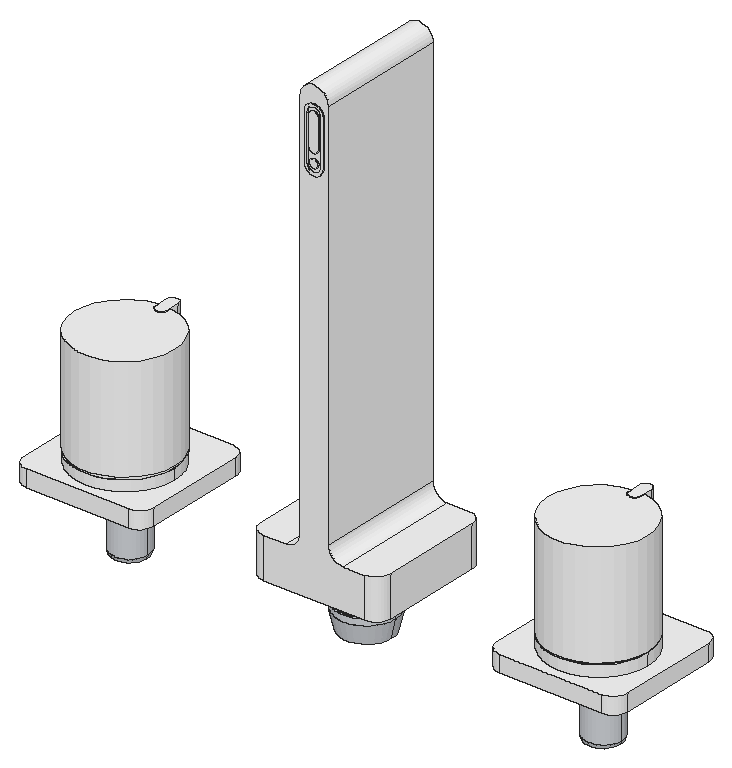
Revit family "Reece_Tap_Milli_Axon_Wall Basin Set", category Plumbing Fixtures, host Face, Revit 2018
Family settings
  Host = Face
  Round Connector Dimension = Use Diameter
  Part Type = Normal
  Cut with Voids When Loaded = No
  Shared = Yes
  Room Calculation Point = Yes
Parameters
  Waste Connection = no
  WFU = 0  # constant formula
  Vent Connection = no
  URL = "https://www.reece.com.au/product/-2252071"
  Type Comments = "Tap"
  Reece_Tap_Reach = 180 mm  # constant formula
  Reece_Tap_Inlet = 12 mm  # constant formula
  Reece_Product_Web Page = "https://www.reece.com.au/product/-2252071"
  Reece_Product_Type = "Tap"  # constant formula
  Reece_Product_Sub Brand = "Axon"  # constant formula
  Reece_Product_Number = "2252071"
  Reece_Product_Mount = "Wall Mounted"
  Reece_Product_Description = "Milli Axon Wall Basin Set Chrome (6 Star)"
  Reece_Product_Brand = "Milli"  # constant formula
  Reece_Overall_Projection = 195 mm  # constant formula
  Reece_Overall_Length = 255 mm  # constant formula
  Reece_Overall_Height = 55 mm  # constant formula
  Reece_Material_Secondary = Reece_Brass_Chrome
  Reece_Material_Main = Reece_Brass_Chrome
  Reece_Material_Colour = Reece_Brass_Chrome
  Reece_Detail_Shape = ""
  Reece_Detail_Disclaimer = "THIS FILE IS THE PROPERTY OF THE REECE GROUP. IT MAY NOT BE REPRODUCED, REVERSE-ENGINEERED OR MODIFIED. ANY REPUBLICATION, TRANSMISSION OR DISTRIBUTION FOR THE PURPOSE OF COMMERCIALLY EXPLOITING THE FILES IS PROHIBITED."  # constant formula
  Reece_Detail_Additional = ""
  Model = "Axon"
  Manufacturer = "Milli"
  Keynote = "Product #2252071, Reece_Tap_Milli_Axon_Wall Basin Set -  "
  HWFU = 0  # constant formula
  HW Connection = no
  Disclaimer = "THIS FILE IS THE PROPERTY OF THE REECE GROUP. IT MAY NOT BE REPRODUCED, REVERSE-ENGINEERED OR MODIFIED. ANY REPUBLICATION, TRANSMISSION OR DISTRIBUTION FOR THE PURPOSE OF COMMERCIALLY EXPLOITING THE FILES IS PROHIBITED."  # constant formula
  Description = "Milli Axon Wall Basin Set Chrome (6 Star)"
  Default Elevation = 1000 mm
  CWFU = 0  # constant formula
  CW Connection = no
Types (4, lengths in mm): name | URL | Reece_Product_Web Page | Reece_Product_Number | Reece_Product_Description | Reece_Material_Main | Reece_Material_Colour | Reece_Detail_Additional | Keynote | Description
  (no name) | "https://www.reece.com.au/product/-2252071" | "https://www.reece.com.au/product/-2252071" | "2252071" | "Milli Axon Wall Basin Set Chrome (6 Star)" | Reece_Brass_Chrome | Reece_Brass_Chrome | "" | "Product #2252071, Reece_Tap_Milli_Axon_Wall Basin Set -  " | "Milli Axon Wall Basin Set Chrome (6 Star)"
  Chrome | "https://www.reece.com.au/product/-2252071" | "https://www.reece.com.au/product/-2252071" | "2252071" | "Milli Axon Wall Basin Set Chrome (6 Star)" | Reece_Brass_Chrome | Reece_Brass_Chrome | "" | "Product #2252071, Reece_Tap_Milli_Axon_Wall Basin Set - Chrome" | "Milli Axon Wall Basin Set Chrome (6 Star)"
  Chrome_Matte Black | "https://www.reece.com.au/product/-2252072" | "https://www.reece.com.au/product/-2252072" | "2252072" | "Milli Axon Wall Basin Set Chrome Black (6 Star)" | Reece_Brass_Chrome | Reece_Brass_Matte Black | "" | "Product #2252072, Reece_Tap_Milli_Axon_Wall Basin Set - Chrome_Matte Black" | "Milli Axon Wall Basin Set Chrome Black (6 Star)"
  Matte Black_Chrome | "https://www.reece.com.au/product/-2252073" | "https://www.reece.com.au/product/-2252073" | "2252073" | "Milli Axon Wall Basin Set with Black Outlet Chrome/ Matte Black (6 Star)" | Reece_Brass_Matte Black | Reece_Brass_Matte Black | "Black Outlet" | "Product #2252073, Reece_Tap_Milli_Axon_Wall Basin Set - Matte Black_Chrome" | "Milli Axon Wall Basin Set with Black Outlet Chrome/ Matte Black (6 Star)"
Reference planes
  plane 1 "Center (Front/Back)": y = 0
  plane 2 "Bottom": z = 0
  plane 3 "Center (Left/Right)": x = 0
  plane 4 "Top": z = 195
  plane 5: x = -100.03
  plane 6: x = 99.955
  plane 7: z = 180
  plane 8: y = -27.643
  plane 9: y = 27.357
  plane 10: x = -127.515
  plane 11: x = 127.485
Forms (mm)
  Extrusion 1, solid, material "Reece_Brass_Chrome" <- "Reece_Material_Main"
    sketch origin (99.985, -2.643, 0) x (-1, 0, 0) y (0, -1, 0)
      loop
        arc (21.5, -30) -> (25.743, -28.243) -> (27.5, -24) r 6
        line (27.5, -24) -> (27.5, 19)
        arc (27.5, 19) -> (25.743, 23.243) -> (21.5, 25) r 6
        line (21.5, 25) -> (-21.5, 25)
        arc (-21.5, 25) -> (-25.743, 23.243) -> (-27.5, 19) r 6
        line (-27.5, 19) -> (-27.5, -24)
        arc (-27.5, -24) -> (-25.743, -28.243) -> (-21.5, -30) r 6
        line (-21.5, -30) -> (21.5, -30)
      loop
        circle (0.016, 0) r 21
    from 0 to 6.973
  Extrusion 2, solid, material "Reece_Brass_Chrome" <- "Reece_Material_Main"
    sketch origin (-100.03, -2.643, 0) x (-1, 0, 0) y (0, -1, 0)
      loop
        arc (21.5, -30) -> (25.743, -28.243) -> (27.5, -24) r 6
        line (27.5, -24) -> (27.5, 19)
        arc (27.5, 19) -> (25.743, 23.243) -> (21.5, 25) r 6
        line (21.5, 25) -> (-21.5, 25)
        arc (-21.5, 25) -> (-25.743, 23.243) -> (-27.5, 19) r 6
        line (-27.5, 19) -> (-27.5, -24)
        arc (-27.5, -24) -> (-25.743, -28.243) -> (-21.5, -30) r 6
        line (-21.5, -30) -> (21.5, -30)
      loop
        circle (0, 0) r 21
    from 0 to 6.973
  Extrusion 3, solid, material "Reece_Brass_Chrome" <- "Reece_Material_Secondary"
    sketch origin (-0.03, -2.643, 0) x (-1, 0, 0) y (0, -1, 0)
      loop
        arc (-97.485, -20.849) -> (-100.015, 21) -> (-102.485, -20.852) r 21
        line (-102.485, -20.852) -> (-102.485, -19.221)
        arc (-102.485, -19.221) -> (-99.985, -16.721) -> (-97.485, -19.221) r 2.5
        line (-97.485, -19.221) -> (-97.485, -20.849)
      loop
        arc (102.5, -20.851) -> (100, 21) -> (97.5, -20.851) r 21
        line (97.5, -20.851) -> (97.5, -19.22)
        arc (97.5, -19.22) -> (100, -16.72) -> (102.5, -19.22) r 2.5
        line (102.5, -19.22) -> (102.5, -20.851)
    from 12.24 to 56
  Extrusion 4, solid, material "Reece_Brass_Chrome" <- "Reece_Material_Colour"
    sketch origin (-200.03, -2.643, 0) x (-1, 0, 0) y (0, -1, 0)
      loop
        arc (-102.5, -25.048) -> (-100, -27.548) -> (-97.5, -25.048) r 2.5
        line (-97.5, -25.048) -> (-97.5, -19.22)
        arc (-97.5, -19.22) -> (-100, -16.72) -> (-102.5, -19.22) r 2.5
        line (-102.5, -19.22) -> (-102.5, -25.048)
    from 12.24 to 56
  Extrusion 5, void
    sketch origin (-0.03, -2.643, 0) x (-1, 0, 0) y (0, -1, 0)
      loop
        circle (-100, 0) r 20.615
      loop
        circle (-100, 0) r 21
    from 11.531 to 12.24
  Extrusion 6, void
    sketch origin (-200.03, -2.643, 0) x (-1, 0, 0) y (0, -1, 0)
      loop
        circle (-100, 0) r 20.615
      loop
        circle (-100, 0) r 21
    from 11.184 to 12.24
  Extrusion 7, solid, material "Reece_Brass_Chrome" <- "Reece_Material_Colour"
    sketch origin (-0.03, -2.643, 0) x (-1, 0, 0) y (0, -1, 0)
      loop
        circle (100, 0) r 21
      loop
        circle (-100, 0) r 21
    from 0 to 12.24
  Extrusion 8, solid, material "Reece_Brass_Chrome" <- "Reece_Material_Colour"
    sketch origin (-0.045, -2.642, 0) x (-1, 0, 0) y (0, -1, 0)
      loop
        arc (-102.5, -25.048) -> (-100, -27.548) -> (-97.5, -25.048) r 2.5
        line (-97.5, -25.048) -> (-97.5, -19.22)
        arc (-97.5, -19.22) -> (-100, -16.72) -> (-102.5, -19.22) r 2.5
        line (-102.5, -19.22) -> (-102.5, -25.048)
    from 12.24 to 56
  Extrusion 9, solid, material "Reece_Brass_Chrome" <- "Reece_Material_Main"
    sketch origin (-0.005, -27.643, 0) x (-1, 0, 0) y (0, 0, 1)
      loop
        line (-6, 189) -> (-6, 23.04)
        arc (-6, 23.04) -> (-7.769, 18.769) -> (-12.04, 17) r 6.04
        line (-12.04, 17) -> (-27.5, 17) -> (-27.5, 0) -> (27.5, 0) -> (27.5, 17) -> (11.951, 17)
        arc (11.951, 17) -> (7.743, 18.743) -> (6, 22.951) r 5.951
        line (6, 22.951) -> (6, 189)
        arc (6, 189) -> (0, 195) -> (-6, 189) r 6
    from 0 to 55
  Extrusion 10, void
    sketch origin (-0.005, -27.643, 0) x (0, 1, 0) y (-1, 0, 0)
      loop
        line (0, 27.5) -> (0, 21.485)
        arc (0, 21.485) -> (1.762, 25.738) -> (6.015, 27.5) r 6.015
        line (6.015, 27.5) -> (0, 27.5)
      loop
        arc (5.981, -27.5) -> (1.752, -25.748) -> (0, -21.519) r 5.981
        line (0, -21.519) -> (0, -27.5) -> (5.981, -27.5)
      loop
        arc (55, -21.473) -> (53.235, -25.735) -> (48.973, -27.5) r 6.027
        line (48.973, -27.5) -> (55, -27.5) -> (55, -21.473)
      loop
        arc (48.963, 27.5) -> (53.232, 25.732) -> (55, 21.463) r 6.037
        line (55, 21.463) -> (55, 27.5) -> (48.963, 27.5)
    from 0 to 73.216
  Sweep 11, solid, material "Reece_Brass_Chrome" <- "Reece_Material_Main"
    path origin (-0.005, -25.203, 57.463) x (1, 0, 0) y (0, 0, -1)
      loop
        arc (-4, -126.492) -> (0, -130.492) -> (4, -126.492) r 4
        line (4, -126.492) -> (4, -107.249)
        arc (4, -107.249) -> (0, -103.249) -> (-4, -107.249) r 4
        line (-4, -107.249) -> (-4, -126.492)
    profile origin (-0.005, -25.203, 187.956) x (0, 0, -1) y (0, 1, 0)
      loop
        line (0, 0) -> (0, -2.628) -> (1.162, -2.628) -> (1.162, 0) -> (0, 0)
  Extrusion 12, solid, material "Reece_Brass_Chrome" <- "Reece_Material_Main"
    sketch origin (-0.005, -127.442, 57.876) x (1, 0, 0) y (0, 0, -1)
      loop
        arc (-2, -125.271) -> (0, -127.271) -> (2, -125.271) r 2
        line (2, -125.271) -> (2, -113.387)
        arc (2, -113.387) -> (0, -111.387) -> (-2, -113.387) r 2
        line (-2, -113.387) -> (-2, -125.271)
      loop
        circle (0, -107.49) r 1.8
    from 99.61 to 106.674
  Extrusion 13, void
    sketch origin (0, 0, 0) x (1, 0, 0) y (0, 1, 0)
      loop
        circle (-100.03, 0) r 8.984
      loop
        circle (0, 0) r 17.023
      loop
        circle (99.955, 0) r 8.975
    from -19.226 to 6.973
  Revolve 14, solid
    sketch origin (0, 0, 0) x (1, 0, 0) y (0, 0, 1)
      loop
        line (-92.261, -12.433) -> (-92.727, -8.974) -> (-91.395, -8.974) -> (-91.395, 0) -> (-100.03, 0) -> (-100.03, -28.974) -> (-92.822, -28.974) -> (-92.261, -27.433) -> (-92.261, -12.433)
      axis (-100.03, 0) -> (-100.03, -28.974)
    angle from 0 to 360
  Revolve 15, solid
    sketch origin (0, 0, 0) x (1, 0, 0) y (0, 0, 1)
      loop
        line (0, 0) -> (0, -22.751) -> (10.637, -22.751) -> (12.48, -14.77) -> (12.48, -12.249) -> (11.475, -12.249) -> (11.475, -11.269) -> (12.48, -11.269) -> (12.48, 0) -> (0, 0)
      axis (0, 0) -> (0, -22.751)
    angle from 0 to 360
  Revolve 16, solid
    sketch origin (0, 0, 0) x (-1, 0, 0) y (0, 0, 1)
      loop
        line (-92.261, -12.433) -> (-92.727, -8.974) -> (-91.395, -8.974) -> (-91.395, 0) -> (-100.03, 0) -> (-100.03, -28.974) -> (-92.822, -28.974) -> (-92.261, -27.433) -> (-92.261, -12.433)
      axis (-100.03, 0) -> (-100.03, -28.974)
    angle from 0 to 360
Cuts and joins
  Extrusion 5, Extrusion 13 cuts Extrusion 3
  Extrusion 6 cuts Extrusion 4
  Extrusion 10, Extrusion 13 cuts Extrusion 9
  Extrusion 13 cuts Sweep 11
  Extrusion 13 cuts Extrusion 12
  joined: Extrusion 9, Sweep 11, Extrusion 12
  Extrusion 5, Extrusion 6, Extrusion 13 cuts Extrusion 7
Text (mm)
  text "Reece Copyright © 2018, Reece Ltd." at (-249.848, -191.251, 0), in view "Ref. Level"
  text "Reece ©" at (44.384, 258.95, 192.345), in view "Reece Preview"
Dimensions and locks
  "Reece_Overall_Projection": plane 4 "Top" to plane 2 "Bottom"
  "Reece_Tap_Reach": plane 7 to plane 2 "Bottom"
  plane 7 to plane 2 "Bottom" = 180 mm
  "Reece_Overall_Projection": cut or joined group of Extrusion 9, Extrusion 10, Sweep 11, Extrusion 12, Extrusion 13 to plane 2 "Bottom"
  plane 2 "Bottom" to plane 7 = 180 mm
  "Reece_Overall_Height": plane 9 to plane 8
  "Reece_Overall_Length": plane 10 to plane 11
  "Reece_Overall_Height": plane 9 to cut or joined group of Extrusion 9, Extrusion 10, Sweep 11, Extrusion 12, Extrusion 13
  "Reece_Overall_Length": plane 10 to Extrusion 1
  Extrusion 2 to Extrusion 2 = 55 mm
  cut or joined group of Extrusion 9, Extrusion 10, Sweep 11, Extrusion 12, Extrusion 13 to cut or joined group of Extrusion 9, Extrusion 10, Sweep 11, Extrusion 12, Extrusion 13 = 55 mm
  Extrusion 1 to Extrusion 1 = 55 mm
  aligned and locked: plane 2 "Bottom" to host face
  aligned and locked: level to host face
Automatic sketch dimensions
  host sketch curve to host sketch curve = 380.785 mm
  host sketch curve to host sketch curve = 317.421 mm
  Extrusion 1 sketch curve to Extrusion 1 sketch curve = 6 mm  (x4)
  Extrusion 1 sketch curve to plane 6 = 0.015 mm
  plane 1 "Center (Front/Back)" to Extrusion 1 sketch curve = 2.643 mm
  Extrusion 2 sketch curve to plane 5 = 0 mm
  Extrusion 2 sketch curve to Extrusion 2 sketch curve = 6 mm  (x3)
  plane 1 "Center (Front/Back)" to Extrusion 2 sketch curve = 2.643 mm
  Extrusion 3 sketch curve to plane 6 = 0 mm
  Extrusion 3 sketch curve to plane 5 = 0 mm  (x2)
  Extrusion 3 sketch curve to plane 6 = 0.015 mm
  Extrusion 3 sketch curve to plane 6 = 2.5 mm
  Extrusion 3 sketch curve to Extrusion 3 sketch curve = 2.5 mm
  Extrusion 3 sketch curve to Extrusion 3 sketch curve = 0.004 mm
  Extrusion 3 sketch curve to Extrusion 3 sketch curve = 1.628 mm
  Extrusion 3 sketch curve to Extrusion 3 sketch curve = 1.63 mm
  plane 1 "Center (Front/Back)" to Extrusion 3 sketch curve = 2.643 mm  (x2)
  Extrusion 4 sketch curve to plane 5 = 0 mm
  Extrusion 4 sketch curve to Extrusion 4 sketch curve = 2.5 mm
  Extrusion 4 sketch curve to Extrusion 4 sketch curve = 5.828 mm
  Extrusion 5 sketch curve to Extrusion 5 sketch curve = 0 mm  (x2)
  Extrusion 5 sketch curve to plane 6 = 0.015 mm
  plane 1 "Center (Front/Back)" to Extrusion 5 sketch curve = 2.643 mm
  Extrusion 6 sketch curve to Extrusion 6 sketch curve = 0 mm  (x2)
  Extrusion 6 sketch curve to plane 5 = 0 mm
  plane 1 "Center (Front/Back)" to Extrusion 6 sketch curve = 2.643 mm
  Extrusion 7 sketch curve to plane 5 = 0 mm
  Extrusion 7 sketch curve to plane 6 = 0.015 mm
  plane 1 "Center (Front/Back)" to Extrusion 7 sketch curve = 2.643 mm  (x2)
  Extrusion 8 sketch curve to plane 6 = 0 mm
  Extrusion 8 sketch curve to Extrusion 8 sketch curve = 2.5 mm
  Extrusion 8 sketch curve to Extrusion 8 sketch curve = 5.828 mm
  Extrusion 9 sketch curve to level = 0 mm
  plane 3 "Center (Left/Right)" to Extrusion 9 sketch curve = 12.035 mm
  plane 3 "Center (Left/Right)" to Extrusion 9 sketch curve = 5.995 mm
  Extrusion 9 sketch curve to plane 3 "Center (Left/Right)" = 0.005 mm
  Extrusion 9 sketch curve to Extrusion 9 sketch curve = 5.951 mm
  level to Extrusion 9 sketch curve = 17 mm  (x2)
  Extrusion 9 sketch curve to plane 4 "Top" = 6 mm
  Extrusion 10 sketch curve to Extrusion 10 sketch curve = 5.981 mm
  Extrusion 10 sketch curve to Extrusion 10 sketch curve = 6.037 mm
  Extrusion 10 sketch curve to Extrusion 10 sketch curve = 0 mm
  Sweep 11 sketch curve to plane 3 "Center (Left/Right)" = 4.005 mm
  Sweep 11 sketch curve to plane 3 "Center (Left/Right)" = 0.005 mm
  plane 7 to Sweep 11 sketch curve = 3.956 mm
  Sweep 11 sketch curve to plane 7 = 15.287 mm
  Sweep 11 sketch curve to profile plane = 0 mm  (x2)
  Sweep 11 sketch curve to Sweep 11 sketch curve = 1.162 mm
  Sweep 11 sketch curve to profile plane = 2.628 mm
  Extrusion 12 sketch curve to plane 3 "Center (Left/Right)" = 2.005 mm
  Extrusion 12 sketch curve to plane 3 "Center (Left/Right)" = 0.005 mm  (x2)
  plane 7 to Extrusion 12 sketch curve = 3.147 mm
  Extrusion 12 sketch curve to plane 7 = 8.737 mm
  Extrusion 12 sketch curve to Extrusion 12 sketch curve = 5.897 mm
  plane 1 "Center (Front/Back)" to Extrusion 13 sketch curve = 0 mm  (x3)
  Extrusion 13 sketch curve to plane 5 = 0 mm
  Extrusion 13 sketch curve to plane 3 "Center (Left/Right)" = 0 mm
  Extrusion 13 sketch curve to plane 6 = 0 mm
  Extrusion 1 sketch curve to plane 6 = 21.53 mm
  Extrusion 1 sketch curve to Extrusion 1 sketch curve = 0.516 mm
  Extrusion 1 sketch curve to Extrusion 1 sketch curve = 0.484 mm
  Extrusion 9 sketch curve to Extrusion 9 sketch curve = 15.549 mm
  Extrusion 10 sketch curve to plane 3 "Center (Left/Right)" = 21.468 mm
  Extrusion 10 sketch curve to plane 3 "Center (Left/Right)" = 21.49 mm
  Extrusion 9 sketch curve to Extrusion 9 sketch curve = 15.46 mm
  plane 3 "Center (Left/Right)" to Extrusion 10 sketch curve = 21.468 mm
  plane 3 "Center (Left/Right)" to Extrusion 10 sketch curve = 21.514 mm
  Extrusion 2 sketch curve to plane 5 = 21.5 mm
  Extrusion 2 sketch curve to Extrusion 2 sketch curve = 0.5 mm
  plane 5 to Extrusion 2 sketch curve = 21.5 mm  (x2)
  Extrusion 1 sketch curve to Extrusion 1 sketch curve = 19 mm
  Extrusion 2 sketch curve to Extrusion 2 sketch curve = 19 mm
  plane 1 "Center (Front/Back)" to Extrusion 10 sketch curve = 21.628 mm
  plane 1 "Center (Front/Back)" to Extrusion 10 sketch curve = 21.662 mm
  Extrusion 10 sketch curve to Extrusion 10 sketch curve = 6.015 mm
  Extrusion 1 sketch curve to plane 1 "Center (Front/Back)" = 21.357 mm
  Extrusion 2 sketch curve to plane 1 "Center (Front/Back)" = 21.357 mm
  Extrusion 3 sketch curve to plane 1 "Center (Front/Back)" = 16.577 mm
  Extrusion 4 sketch curve to plane 1 "Center (Front/Back)" = 22.405 mm
  Extrusion 8 sketch curve to plane 1 "Center (Front/Back)" = 22.406 mm
  Extrusion 10 sketch curve to plane 1 "Center (Front/Back)" = 21.32 mm
  Extrusion 10 sketch curve to plane 1 "Center (Front/Back)" = 21.33 mm
  Extrusion 10 sketch curve to Extrusion 10 sketch curve = 6.027 mm
  plane 5 to Revolve 14 sketch curve = 0 mm  (x2)
  Revolve 14 sketch curve to level = 0 mm
  Revolve 14 sketch curve to plane 5 = 7.208 mm
  Revolve 14 sketch curve to plane 5 = 7.303 mm
  Revolve 14 sketch curve to Revolve 14 sketch curve = 0.561 mm
  Revolve 14 sketch curve to Revolve 14 sketch curve = 1.332 mm
  Revolve 14 sketch curve to level = 8.974 mm
  Revolve 14 sketch curve to Revolve 14 sketch curve = 3.459 mm
  Revolve 14 sketch curve to Revolve 14 sketch curve = 15 mm
  Revolve 14 sketch curve to Revolve 14 sketch curve = 1.541 mm
  Revolve 14 sketch curve to level = 5 mm
  Revolve 14 sketch curve to Revolve 14 sketch curve = 1.026 mm
  Revolve 15 sketch curve to plane 3 "Center (Left/Right)" = 0 mm  (x2)
  Revolve 15 sketch curve to level = 0 mm
  plane 3 "Center (Left/Right)" to Revolve 15 sketch curve = 10.637 mm
  Revolve 15 sketch curve to Revolve 15 sketch curve = 0.838 mm
  Revolve 15 sketch curve to Revolve 15 sketch curve = 1.005 mm
  Revolve 15 sketch curve to Revolve 15 sketch curve = 0 mm  (x2)
  Revolve 15 sketch curve to level = 11.269 mm
  Revolve 15 sketch curve to Revolve 15 sketch curve = 0.98 mm
  Revolve 15 sketch curve to Revolve 15 sketch curve = 2.521 mm
  Revolve 15 sketch curve to Revolve 15 sketch curve = 7.981 mm
  Revolve 15 sketch curve to level = 8.763 mm
  Revolve 16 sketch curve to level = 0 mm
  plane 6 to Revolve 16 sketch curve = 0.075 mm  (x2)
  Revolve 16 sketch curve to plane 6 = 7.133 mm
  Revolve 16 sketch curve to plane 6 = 7.228 mm
  Revolve 16 sketch curve to Revolve 16 sketch curve = 0.561 mm
  Revolve 16 sketch curve to Revolve 16 sketch curve = 1.332 mm
  level to Revolve 16 sketch curve = 8.974 mm
  Revolve 16 sketch curve to Revolve 16 sketch curve = 3.459 mm
  Revolve 16 sketch curve to Revolve 16 sketch curve = 15 mm
  Revolve 16 sketch curve to Revolve 16 sketch curve = 1.541 mm
  level to Revolve 16 sketch curve = 5 mm
  Revolve 16 sketch curve to Revolve 16 sketch curve = 1.026 mm
  radius of Extrusion 5 sketch curve = 20.615 mm
  radius of Extrusion 5 sketch curve = 21 mm
  radius of Extrusion 6 sketch curve = 20.615 mm
  radius of Extrusion 6 sketch curve = 21 mm
  radius of Extrusion 7 sketch curve = 21 mm  (x2)
  radius of Extrusion 12 sketch curve = 1.8 mm
  radius of Extrusion 13 sketch curve = 8.984 mm
  radius of Extrusion 13 sketch curve = 17.023 mm
  radius of Extrusion 13 sketch curve = 8.975 mm
Connectors
  piping at (-100.03, 0, 6.973), diameter 12, driven by "Reece_Tap_Inlet"
    settings: on cut or joined group of Extrusion 5, Extrusion 6, Extrusion 7, Extrusion 13, index 1, connector inside diameter 609.6 mm, connector length 0 mm, flow factor 0, pipe flow 0.0 L/s, pressure drop 0.0 Pa, fitting loss kfactor 0, connector angle 0.00°, fixture units 0, engagement length 0 mm, angle of deflection 0.00°, flow configuration 0, flow direction 1, fitting loss method 0, system type 29, joint type 0, gender type 0, connector reference index -1, connector utility 0, adjustable connector no, is connector primary yes, connector description ""
  piping at (0, 0, 6.973), diameter 12, driven by "Reece_Tap_Inlet"
    settings: on cut or joined group of Extrusion 9, Extrusion 10, Sweep 11, Extrusion 12, Extrusion 13, index 2, connector inside diameter 609.6 mm, connector length 0 mm, flow factor 0, pipe flow 0.0 L/s, pressure drop 0.0 Pa, fitting loss kfactor 0, connector angle 0.00°, fixture units 0, engagement length 0 mm, angle of deflection 0.00°, flow configuration 0, flow direction 2, fitting loss method 0, system type 29, joint type 0, gender type 0, connector reference index -1, connector utility 0, adjustable connector no, is connector primary no, connector description ""
  piping at (99.955, 0, 6.973), diameter 12, driven by "Reece_Tap_Inlet"
    settings: on cut or joined group of Extrusion 5, Extrusion 6, Extrusion 7, Extrusion 13, index 3, connector inside diameter 609.6 mm, connector length 0 mm, flow factor 0, pipe flow 0.0 L/s, pressure drop 0.0 Pa, fitting loss kfactor 0, connector angle 0.00°, fixture units 0, engagement length 0 mm, angle of deflection 0.00°, flow configuration 0, flow direction 1, fitting loss method 0, system type 29, joint type 0, gender type 0, connector reference index -1, connector utility 0, adjustable connector no, is connector primary no, connector description ""
